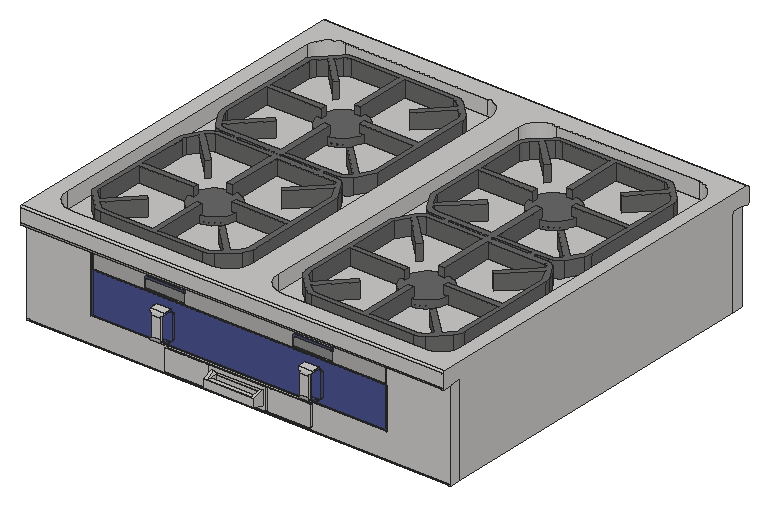
Revit family "QF_ELECTROLUXPROFESSIONAL_593315_MCGHAAJOVI", category Specialty Equipment, Revit 2018
Family settings
  Round Connector Dimension = Use Diameter
  Part Type = Normal
  Work Plane-Based = No
  Always vertical = Yes
  Cut with Voids When Loaded = No
  Shared = No
  Room Calculation Point = No
Parameters (values of type "Standard")
  Weight = 82.00 kg
  Watts = 0 W
  Volts = 0 V
  URL Manufacturer = "http://professional.electrolux.com"
  URL = "http://professional.electrolux.com"
  Steam Supply Size = 0"
  Steam Supply Minimum Pressure = 0.00 psi
  Steam Supply Maximum Pressure = 0.00 psi
  Steam Pounds per Hour = 0
  Show Clearance [instance] = yes
  Refrigeration Suction Line Size = 0 mm
  Refrigeration Liquid Line Size = 0 mm
  Refrigerant Compressor Remote = yes
  Phase = 0
  Model = "MCGHAAJOVI"
  Manufacturer = "Electrolux Professional"
  Length Actual = 1000 mm  # constant formula
  Item Number = "593315"
  Hot Water Size = 0"
  Height Actual = 250 mm  # constant formula
  HP = "0 HP"
  Gas Size = 1/2"
  Gas KW = 34
  Gas Input Pressure = 3.27142 Btu/h
  Direct Waste Size = 0"
  Description = "GAS TOP,4B,TOWNGAS,ECO,1S,1000X900X250"
  Depth Actual = 900 mm  # constant formula
  Cycle = 0 Hz
  Condensate Return Size = 0"
  Compressed Air Volume = 0 GPM
  Compressed Air Size = 0"
  Compressed Air Pressure = 0.00 psi
  Cold Water Size = 0"
  Accessory = yes
Reference planes
  plane 1 "BACK": y = 0
  plane 2: z = 0
  plane 3 "LEFT": x = 0
  plane 4 "RIGHT": x = 1000
  plane 5 "FRONT": y = -900
  plane 6 "TOP": z = 250
  plane 7: x = 500
  plane 8: y = -450
  plane 9: x = 965
  plane 10: y = -60.425
  plane 11: y = -1330
Forms (mm)
  Extrusion 1, solid, material "QF_Finishes_Stainless Steel"
    sketch origin (0, -487.128, 0) x (0, 1, 0) y (0, 0, 1)
      loop
        line (483.128, 250) -> (-408.872, 250)
        arc (-408.872, 250) -> (-411.7, 248.828) -> (-412.872, 246) r 4
        line (-412.872, 246) -> (-412.872, 214)
        arc (-412.872, 214) -> (-411.437, 210.931) -> (-408.161, 210.064) r 4
        line (-408.161, 210.064) -> (-392.872, 213) -> (-367.872, 213) -> (-367.872, 0) -> (442.128, 0) -> (442.128, 213) -> (465.765, 213) -> (482.433, 210.061)
        arc (482.433, 210.061) -> (485.699, 210.936) -> (487.128, 214) r 4
        line (487.128, 214) -> (487.128, 246)
        arc (487.128, 246) -> (485.956, 248.828) -> (483.128, 250) r 4
    from 0 to 1000
  Extrusion 2, void
    sketch origin (653.786, 44.048, 250) x (1, 0, 0) y (0, -1, 0)
      loop
        line (-570.234, 89.462) -> (-234.333, 89.462)
        arc (-234.333, 89.462) -> (-199.707, 103.805) -> (-185.364, 138.432) r 48.97
        line (-185.364, 138.432) -> (-185.364, 850.078)
        arc (-185.364, 850.078) -> (-199.707, 884.705) -> (-234.333, 899.048) r 48.97
        line (-234.333, 899.048) -> (-570.234, 899.048)
        arc (-570.234, 899.048) -> (-605.59, 884.403) -> (-620.234, 849.048) r 50
        line (-620.234, 849.048) -> (-620.234, 139.462)
        arc (-620.234, 139.462) -> (-605.59, 104.107) -> (-570.234, 89.462) r 50
      loop
        line (264.679, 899.048) -> (-71.222, 899.048)
        arc (-71.222, 899.048) -> (-106.577, 884.403) -> (-121.222, 849.048) r 50
        line (-121.222, 849.048) -> (-121.222, 139.462)
        arc (-121.222, 139.462) -> (-106.577, 104.107) -> (-71.222, 89.462) r 50
        line (-71.222, 89.462) -> (264.679, 89.462)
        arc (264.679, 89.462) -> (299.306, 103.805) -> (313.649, 138.432) r 48.97
        line (313.649, 138.432) -> (313.649, 850.078)
        arc (313.649, 850.078) -> (299.306, 884.705) -> (264.679, 899.048) r 48.97
    from 0 to 37
  Extrusion 3, solid, material "QF_Finishes_Stainless Steel"
    sketch origin (10, -759, 0) x (1, 0, 0) y (0, -1, 0)
      loop
        circle (955, -169) r 6.35
    from 0 to 3.2
  Extrusion 4, solid, material "QF_Door-Drawer Clearances", visible <- "Show Clearance", detail levels coarse
    sketch origin (-178.969, -4572, 0) x (-1, 0, 0) y (0, -1, 0)
      loop
        line (-507.364, -3689.407) -> (-507.364, -3242) -> (-851.364, -3242) -> (-851.364, -3689.407) -> (-507.364, -3689.407)
    from 8.012 to 59.392
Cuts and joins
  Extrusion 2 cuts Extrusion 1
Lines and regions (mm)
  symbolic lines
    curve 1: line (0, 0, 0) -> (1000, 0, 0)
    curve 2: line (0, -900, 0) -> (0, 0, 0)
    curve 3: line (1000, -900, 0) -> (0, -900, 0)
    curve 4: line (1000, 0, 0) -> (1000, -900, 0)
    curve 5: arc (83.552, -855, 0) -> (48.197, -840.355, 0) -> (33.552, -805, 0) r 50
    curve 6: line (33.552, -805, 0) -> (33.552, -95.414, 0)
    curve 7: arc (33.552, -95.414, 0) -> (48.197, -60.059, 0) -> (83.552, -45.414, 0) r 50
    curve 8: line (83.552, -45.414, 0) -> (417.592, -45.414, 0)
    curve 9: arc (918.465, -45.414, 0) -> (953.092, -59.757, 0) -> (967.435, -94.384, 0) r 48.97
    curve 10: line (967.435, -94.384, 0) -> (967.435, -806.03, 0)
    curve 11: arc (967.435, -806.03, 0) -> (953.092, -840.657, 0) -> (918.465, -855, 0) r 48.97
    curve 12: line (918.465, -855, 0) -> (582.408, -855, 0)
    curve 13: line (582.408, -45.414, 0) -> (918.465, -45.414, 0)
    curve 14: line (417.592, -855, 0) -> (83.552, -855, 0)
    curve 15: arc (582.408, -855, 0) -> (547.053, -840.355, 0) -> (532.408, -805, 0) r 50
    curve 16: line (532.408, -805, 0) -> (532.408, -95.414, 0)
    curve 17: arc (532.408, -95.414, 0) -> (547.053, -60.059, 0) -> (582.408, -45.414, 0) r 50
    curve 18: arc (417.592, -855, 0) -> (452.947, -840.355, 0) -> (467.592, -805, 0) r 50
    curve 19: line (467.592, -805, 0) -> (467.592, -95.414, 0)
    curve 20: arc (467.592, -95.414, 0) -> (452.947, -60.059, 0) -> (417.592, -45.414, 0) r 50
  symbolic lines, style "QF_Door-Drawer Clearances"
    curve 21: line (328.395, -900, 0) -> (328.395, -1330, 0)
    curve 22: line (672.395, -1330, 0) -> (672.395, -900, 0)
    curve 23: line (328.395, -1330, 0) -> (672.395, -1330, 0)
Dimensions and locks
  plane 3 "LEFT" to plane 4 "RIGHT" = 1000 mm
  plane 5 "FRONT" to plane 1 "BACK" = 900 mm
  equal spacing: plane 3 "LEFT", plane 7, plane 4 "RIGHT"
  equal spacing: plane 5 "FRONT", plane 8, plane 1 "BACK"
  plane 6 "TOP" to level = 250 mm  (x2)
  plane 1 "BACK" to plane 5 "FRONT" = 900 mm
  Extrusion 3 sketch curve to plane 1 "BACK" = 590 mm
  Extrusion 3 sketch curve to plane 4 "RIGHT" = 35 mm
  plane 1 "BACK" to Extrusion 3 = 590 mm
  plane 9 to plane 4 "RIGHT" = 35 mm
  plane 5 "FRONT" to plane 11 = 430 mm
  aligned and locked: level to plane 2
  aligned and locked: Extrusion 1 to plane 4 "RIGHT"
Automatic sketch dimensions
  Extrusion 1 sketch curve to plane 5 "FRONT" = 0 mm
  Extrusion 1 sketch curve to plane 6 "TOP" = 0 mm
  Extrusion 1 sketch curve to level = 0 mm
  Extrusion 1 sketch curve to plane 1 "BACK" = 0 mm
  Extrusion 1 sketch curve to plane 6 "TOP" = 37 mm  (x2)
  Extrusion 1 sketch curve to plane 5 "FRONT" = 4 mm
  Extrusion 1 sketch curve to plane 5 "FRONT" = 20 mm
  Extrusion 1 sketch curve to plane 5 "FRONT" = 45 mm
  plane 1 "BACK" to Extrusion 1 sketch curve = 21.363 mm
  plane 1 "BACK" to Extrusion 1 sketch curve = 4 mm  (x2)
  Extrusion 1 sketch curve to Extrusion 1 sketch curve = 4 mm
  Extrusion 1 sketch curve to Extrusion 1 sketch curve = 0.711 mm
  plane 1 "BACK" to Extrusion 1 sketch curve = 4.695 mm
  Extrusion 1 sketch curve to Extrusion 1 sketch curve = 0 mm  (x2)
  Extrusion 1 sketch curve to Extrusion 1 sketch curve = 1 mm  (x2)
  plane 1 "BACK" to Extrusion 1 sketch curve = 45 mm
  plane 1 "BACK" to curve 1 = 0 mm
  curve 1 to plane 4 "RIGHT" = 0 mm
  curve 3 to plane 3 "LEFT" = 0 mm
  plane 5 "FRONT" to curve 3 = 0 mm
  curve 10 to plane 9 = 2.435 mm
  plane 10 to curve 13 = 15.012 mm
  plane 9 to curve 13 = 46.535 mm
  plane 9 to curve 12 = 46.535 mm
  plane 7 to curve 16 = 32.408 mm
  curve 19 to plane 7 = 32.408 mm
  plane 3 "LEFT" to curve 8 = 83.552 mm
  plane 3 "LEFT" to curve 14 = 83.552 mm
  plane 3 "LEFT" to curve 6 = 33.552 mm
  curve 15 to curve 16 = 50 mm
  curve 20 to plane 10 = 34.988 mm
  curve 18 to plane 5 "FRONT" = 45 mm
  curve 19 to curve 18 = 50 mm
  Extrusion 1 to Extrusion 2 sketch curve = 33.552 mm
  Extrusion 1 to Extrusion 2 sketch curve = 41 mm  (x2)
  Extrusion 2 sketch curve to Extrusion 2 sketch curve = 50 mm  (x4)
  Extrusion 1 to Extrusion 2 sketch curve = 41.414 mm
  Extrusion 2 sketch curve to Extrusion 2 sketch curve = 335.901 mm  (x2)
  Extrusion 2 sketch curve to Extrusion 2 sketch curve = 48.97 mm
  Extrusion 2 sketch curve to Extrusion 2 sketch curve = 64.142 mm
  Extrusion 1 to Extrusion 2 sketch curve = 81.535 mm  (x2)
  Extrusion 1 to Extrusion 2 sketch curve = 32.565 mm
  Extrusion 2 sketch curve to Extrusion 2 sketch curve = 1.03 mm
  curve 18 to curve 16 = 0 mm
  plane 10 to curve 8 = 15.012 mm
  curve 16 to plane 10 = 34.988 mm
  plane 7 to Extrusion 4 sketch curve = 172.395 mm
  Extrusion 4 sketch curve to plane 5 "FRONT" = 17.407 mm
  Extrusion 4 sketch curve to plane 7 = 171.605 mm
  Extrusion 4 sketch curve to Extrusion 4 sketch curve = 447.407 mm
  curve 22 to plane 11 = 0 mm
  plane 7 to curve 22 = 172.395 mm
  curve 21 to plane 7 = 171.605 mm
  curve 22 to plane 5 "FRONT" = 0 mm
  curve 21 to plane 5 "FRONT" = 0 mm
  radius of Extrusion 3 sketch curve = 6.35 mm
Nested families
  nested 1: "OBT_900_Open Burner" at (250, -450.207, -649.319), type "OBT_900_Open Burner"
  nested 2: "OBT_900_Open Burner" at (750, -450.207, -649.319) x (-1, 0, 0) z (0, 0, 1), type "OBT_900_Open Burner"
  nested 3: "EG_900_1000_Double Range Control Handle Back Panel" at (202.376, -45, -650), type "EG_900_1000_Double Range Control Handle Back Panel"
  nested 4: "EG_900_1000_Double Range Control Handle Front Panel" at (202.376, -855, -650), type "EG_900_1000_Double Range Control Handle Front Panel"
Connectors
  piping at (965, -590, -3.2), diameter 12.8
    settings: on Extrusion 3, index 1, connector inside diameter 0.50394", connector length 0 mm, flow factor 0, pipe flow 0 GPM, pressure drop 0.00 psi, fitting loss kfactor 0, connector angle 0.00°, fixture units 0, engagement length 0 mm, angle of deflection 0.00°, flow configuration 1, flow direction 1, fitting loss method 0, system type 7, joint type 0, gender type 0, connector reference index -1, connector utility 0, adjustable connector no, is connector primary yes, connector description "GAS CONNECTION"
Definition of nested family "OBT_900_Open Burner"
  Reference planes
    plane 1 "Center (Front/Back)": y = 0
    plane 2: z = 0
    plane 3 "Center (Left/Right)": x = 0
    plane 4: x = -186.448
    plane 5: x = 187.435
    plane 6: y = 374.793
    plane 7: y = -374.793
    plane 8: y = -188.326
  Forms (mm)
    Extrusion 1, solid
      sketch origin (2130.573, 56.896, -679.622) x (1, 0, 0) y (0, 1, 0)
        loop
          line (-2137.44, 306.49) -> (-2250.793, 306.49)
          arc (-2250.793, 306.49) -> (-2257.908, 305.075) -> (-2263.94, 301.044) r 18.593
          line (-2263.94, 301.044) -> (-2276.233, 288.751) -> (-2213.48, 225.998) -> (-2221.6, 217.877) -> (-2284.354, 280.631) -> (-2300.33, 264.654)
          arc (-2300.33, 264.654) -> (-2304.433, 258.337) -> (-2305.614, 250.897) r 18.125
          line (-2305.614, 250.897) -> (-2305.614, 138.422) -> (-2175.79, 138.422) -> (-2175.79, 126.938) -> (-2305.614, 126.938) -> (-2305.614, 10.897)
          arc (-2305.614, 10.897) -> (-2304.981, 6.085) -> (-2303.123, 1.601) r 18.593
          line (-2303.123, 1.601) -> (-2290.078, -20.994) -> (-2221.6, 47.483) -> (-2213.48, 39.363) -> (-2284.012, -31.169)
          arc (-2284.012, -31.169) -> (-2278.546, -38.527) -> (-2270.23, -42.379) r 18.593
          line (-2270.23, -42.379) -> (-2137.44, -42.379) -> (-2137.44, 87.464) -> (-2123.707, 87.464) -> (-2123.707, -42.379) -> (-1989.813, -42.379)
          arc (-1989.813, -42.379) -> (-1981.496, -38.527) -> (-1976.031, -31.169) r 18.593
          line (-1976.031, -31.169) -> (-2047.115, 39.915) -> (-2038.994, 48.035) -> (-1969.962, -20.997) -> (-1954.428, 5.916) -> (-1954.428, 126.938) -> (-2085.357, 126.938) -> (-2085.357, 138.422) -> (-1954.428, 138.422) -> (-1954.428, 247.888)
          arc (-1954.428, 247.888) -> (-1956.538, 258.496) -> (-1962.547, 267.489) r 27.72
          line (-1962.547, 267.489) -> (-1975.689, 280.631) -> (-2038.994, 217.325) -> (-2047.115, 225.446) -> (-1983.809, 288.751) -> (-1996.102, 301.044)
          arc (-1996.102, 301.044) -> (-2002.134, 305.075) -> (-2009.25, 306.49) r 18.593
          line (-2009.25, 306.49) -> (-2123.707, 306.49) -> (-2123.707, 177.897) -> (-2137.44, 177.897) -> (-2137.44, 306.49)
        loop
          arc (-2317.021, 10.897) -> (-2315.999, 3.132) -> (-2313.002, -4.103) r 30
          line (-2313.002, -4.103) -> (-2292.795, -39.103)
          arc (-2292.795, -39.103) -> (-2281.814, -50.084) -> (-2266.814, -54.103) r 30
          line (-2266.814, -54.103) -> (-2239.287, -54.103)
          arc (-2239.287, -54.103) -> (-2238.243, -56) -> (-2236.272, -56.896) r 3.438
          arc (-2236.272, -56.896) -> (-2238.243, -57.792) -> (-2239.287, -59.689) r 3.438
          line (-2239.287, -59.689) -> (-2266.814, -59.689)
          arc (-2266.814, -59.689) -> (-2281.814, -63.708) -> (-2292.795, -74.689) r 30
          line (-2292.795, -74.689) -> (-2313.002, -109.689)
          arc (-2313.002, -109.689) -> (-2315.999, -116.924) -> (-2317.021, -124.689) r 30
          line (-2317.021, -124.689) -> (-2317.021, -365.461)
          arc (-2317.021, -365.461) -> (-2314.738, -376.941) -> (-2308.234, -386.674) r 30
          line (-2308.234, -386.674) -> (-2271.975, -422.933)
          arc (-2271.975, -422.933) -> (-2262.253, -429.414) -> (-2250.793, -431.689) r 30
          line (-2250.793, -431.689) -> (-2009.25, -431.689)
          arc (-2009.25, -431.689) -> (-1997.786, -429.412) -> (-1988.062, -422.928) r 30
          line (-1988.062, -422.928) -> (-1951.808, -386.674)
          arc (-1951.808, -386.674) -> (-1945.305, -376.941) -> (-1942.982, -365.461) r 30
          line (-1942.982, -365.461) -> (-1942.982, -116.719) -> (-1967.248, -74.689)
          arc (-1967.248, -74.689) -> (-1978.229, -63.708) -> (-1993.229, -59.689) r 30
          line (-1993.229, -59.689) -> (-2020.319, -59.689)
          arc (-2020.319, -59.689) -> (-2021.979, -57.759) -> (-2024.375, -56.896) r 5
          arc (-2024.375, -56.896) -> (-2021.979, -56.033) -> (-2020.319, -54.103) r 5
          line (-2020.319, -54.103) -> (-1993.229, -54.103)
          arc (-1993.229, -54.103) -> (-1978.229, -50.084) -> (-1967.248, -39.103) r 30
          line (-1967.248, -39.103) -> (-1943.138, 2.656) -> (-1943.138, 254.314)
          arc (-1943.138, 254.314) -> (-1945.839, 264.361) -> (-1951.808, 272.882) r 30
          line (-1951.808, 272.882) -> (-1988.062, 309.136)
          arc (-1988.062, 309.136) -> (-1997.786, 315.62) -> (-2009.25, 317.897) r 30
          line (-2009.25, 317.897) -> (-2250.793, 317.897)
          arc (-2250.793, 317.897) -> (-2262.253, 315.622) -> (-2271.975, 309.141) r 30
          line (-2271.975, 309.141) -> (-2308.234, 272.882)
          arc (-2308.234, 272.882) -> (-2314.738, 263.149) -> (-2317.021, 251.669) r 30
          line (-2317.021, 251.669) -> (-2317.021, 10.897)
        loop
          arc (-2122.397, -54.103) -> (-2124.057, -56.033) -> (-2126.452, -56.896) r 5
          arc (-2126.452, -56.896) -> (-2124.057, -57.759) -> (-2122.397, -59.689) r 5
          line (-2122.397, -59.689) -> (-2035.829, -59.689)
          arc (-2035.829, -59.689) -> (-2034.784, -57.792) -> (-2032.813, -56.896) r 3.438
          arc (-2032.813, -56.896) -> (-2034.784, -56) -> (-2035.829, -54.103) r 3.438
          line (-2035.829, -54.103) -> (-2122.397, -54.103)
        loop
          arc (-2223.778, -54.103) -> (-2225.438, -56.033) -> (-2227.833, -56.896) r 5
          arc (-2227.833, -56.896) -> (-2225.438, -57.759) -> (-2223.778, -59.689) r 5
          line (-2223.778, -59.689) -> (-2137.906, -59.689)
          arc (-2137.906, -59.689) -> (-2136.862, -57.792) -> (-2134.891, -56.896) r 3.438
          arc (-2134.891, -56.896) -> (-2136.862, -56) -> (-2137.906, -54.103) r 3.438
          line (-2137.906, -54.103) -> (-2223.778, -54.103)
        loop
          line (-2137.44, -420.282) -> (-2137.44, -290.439) -> (-2123.707, -290.439) -> (-2123.707, -420.282) -> (-2009.25, -420.282)
          arc (-2009.25, -420.282) -> (-2002.134, -418.867) -> (-1996.102, -414.836) r 18.593
          line (-1996.102, -414.836) -> (-1983.184, -401.918) -> (-2047.115, -337.988) -> (-2038.994, -329.867) -> (-1975.064, -393.798) -> (-1962.547, -381.281)
          arc (-1962.547, -381.281) -> (-1956.538, -372.288) -> (-1954.428, -361.68) r 27.72
          line (-1954.428, -361.68) -> (-1954.428, -250.964) -> (-2085.357, -250.964) -> (-2085.357, -239.48) -> (-1954.428, -239.48) -> (-1954.428, -119.708) -> (-1970.42, -92.003) -> (-2038.994, -160.577) -> (-2047.115, -152.457) -> (-1976.413, -81.755)
          arc (-1976.413, -81.755) -> (-1981.868, -74.971) -> (-1989.813, -71.413) r 18.593
          line (-1989.813, -71.413) -> (-2123.707, -71.413) -> (-2123.707, -200.006) -> (-2137.44, -200.006) -> (-2137.44, -71.413) -> (-2270.23, -71.413)
          arc (-2270.23, -71.413) -> (-2278.175, -74.971) -> (-2283.629, -81.755) r 18.593
          line (-2283.629, -81.755) -> (-2213.48, -151.905) -> (-2221.6, -160.025) -> (-2289.62, -92.005) -> (-2303.123, -115.393)
          arc (-2303.123, -115.393) -> (-2304.981, -119.877) -> (-2305.614, -124.689) r 18.593
          line (-2305.614, -124.689) -> (-2305.614, -239.48) -> (-2175.79, -239.48) -> (-2175.79, -250.964) -> (-2305.614, -250.964) -> (-2305.614, -364.689)
          arc (-2305.614, -364.689) -> (-2304.433, -372.129) -> (-2300.33, -378.446) r 18.125
          line (-2300.33, -378.446) -> (-2284.979, -393.798) -> (-2221.6, -330.419) -> (-2213.48, -338.54) -> (-2276.858, -401.918) -> (-2263.94, -414.836)
          arc (-2263.94, -414.836) -> (-2257.908, -418.867) -> (-2250.793, -420.282) r 18.593
          line (-2250.793, -420.282) -> (-2137.44, -420.282)
      from 1542.072 to 1578.941
    Extrusion 2, solid
      sketch origin (2130.573, 61.122, 0) x (1, 0, 0) y (0, 1, 0)
        loop
          circle (-2130.573, -249.448) r 55
        loop
          circle (-2130.573, 128.455) r 55
      from 862.45 to 879.837
    Extrusion 3, void
      sketch origin (-124.371, -355.785, -22.784) x (-0.587785, -0.809017, 0) y (0, 0, 1)
        loop
          circle (-213.495, 891.283) r 1
      from -67.69 to -35.114
    Extrusion 4, void
      sketch origin (-89.903, -376.417, -22.784) x (-0.422618, -0.906308, 0) y (0, 0, 1)
        loop
          circle (-213.495, 891.283) r 1
      from -74.826 to -35.114
    Extrusion 5, void
      sketch origin (-52.131, -390.093, -22.784) x (-0.241922, -0.970296, 0) y (0, 0, 1)
        loop
          circle (-213.495, 891.283) r 1
      from -67.69 to -35.114
    Extrusion 6, void
      sketch origin (27.702, -394.842, -22.784) x (0.139173, -0.990268, 0) y (0, 0, 1)
        loop
          circle (-213.495, 891.283) r 1
      from -67.69 to -35.114
    Extrusion 7, void
      sketch origin (66.829, -385.74, -22.784) x (0.325568, -0.945519, 0) y (0, 0, 1)
        loop
          circle (-213.495, 891.283) r 1
      from -67.69 to -35.114
    Extrusion 8, void
      sketch origin (103.5, -369.339, -22.784) x (0.5, -0.866025, 0) y (0, 0, 1)
        loop
          circle (-213.495, 891.283) r 1
      from -67.69 to -35.114
    Extrusion 9, void
      sketch origin (136.368, -346.242, -22.784) x (0.656059, -0.75471, 0) y (0, 0, 1)
        loop
          circle (-213.495, 891.283) r 1
      from -67.69 to -35.114
    Extrusion 10, void
      sketch origin (164.225, -317.298, -22.784) x (0.788011, -0.615661, 0) y (0, 0, 1)
        loop
          circle (-213.495, 891.283) r 1
      from -67.69 to -35.114
    Extrusion 11, void
      sketch origin (186.048, -283.571, -22.784) x (0.891007, -0.45399, 0) y (0, 0, 1)
        loop
          circle (-213.495, 891.283) r 1
      from -67.69 to -35.114
    Extrusion 12, void
      sketch origin (201.034, -246.299, -22.784) x (0.961262, -0.275637, 0) y (0, 0, 1)
        loop
          circle (-213.495, 891.283) r 1
      from -67.69 to -35.114
    Extrusion 13, void
      sketch origin (208.566, -166.681, -22.784) x (0.994522, 0.104528, 0) y (0, 0, 1)
        loop
          circle (-213.495, 891.283) r 1
      from -67.69 to -35.114
    Extrusion 14, void
      sketch origin (200.835, -127.26, -22.784) x (0.956305, 0.292372, 0) y (0, 0, 1)
        loop
          circle (-213.495, 891.283) r 1
      from -67.69 to -35.114
    Extrusion 15, void
      sketch origin (185.724, -90.039, -22.784) x (0.882948, 0.469472, 0) y (0, 0, 1)
        loop
          circle (-213.495, 891.283) r 1
      from -67.69 to -35.114
    Extrusion 16, void
      sketch origin (163.788, -56.385, -22.784) x (0.777146, 0.62932, 0) y (0, 0, 1)
        loop
          circle (-213.495, 891.283) r 1
      from -67.69 to -35.114
    Extrusion 17, void
      sketch origin (135.834, -27.534, -22.784) x (0.642788, 0.766044, 0) y (0, 0, 1)
        loop
          circle (-213.495, 891.283) r 1
      from -67.69 to -35.114
    Extrusion 18, void
      sketch origin (102.889, -4.548, -22.784) x (0.48481, 0.87462, 0) y (0, 0, 1)
        loop
          circle (-213.495, 891.283) r 1
      from -67.69 to -35.114
    Extrusion 19, void
      sketch origin (66.163, 11.73, -22.784) x (0.309017, 0.951057, 0) y (0, 0, 1)
        loop
          circle (-213.495, 891.283) r 1
      from -67.69 to -35.114
    Extrusion 20, void
      sketch origin (-52.811, 15.685, -22.784) x (-0.258819, 0.965926, 0) y (0, 0, 1)
        loop
          circle (-213.495, 891.283) r 1
      from -67.69 to -35.114
    Extrusion 21, void
      sketch origin (-90.537, 1.882, -22.784) x (-0.438371, 0.898794, 0) y (0, 0, 1)
        loop
          circle (-213.495, 891.283) r 1
      from -67.69 to -35.114
    Extrusion 22, void
      sketch origin (-124.936, -18.865, -22.784) x (-0.601815, 0.798636, 0) y (0, 0, 1)
        loop
          circle (-213.495, 891.283) r 1
      from -67.69 to -35.114
    Extrusion 23, void
      sketch origin (-154.744, -45.796, -22.784) x (-0.743145, 0.669131, 0) y (0, 0, 1)
        loop
          circle (-213.495, 891.283) r 1
      from -67.69 to -35.114
    Extrusion 24, void
      sketch origin (-178.866, -77.919, -22.784) x (-0.857167, 0.515038, 0) y (0, 0, 1)
        loop
          circle (-213.495, 891.283) r 1
      from -67.69 to -35.114
    Extrusion 25, void
      sketch origin (-196.416, -114.054, -22.784) x (-0.939693, 0.34202, 0) y (0, 0, 1)
        loop
          circle (-213.495, 891.283) r 1
      from -67.69 to -35.114
    Extrusion 26, void
      sketch origin (-204.521, -232.817, -22.784) x (-0.97437, -0.224951, 0) y (0, 0, 1)
        loop
          circle (-213.495, 891.283) r 1
      from -67.69 to -35.114
    Extrusion 27, void
      sketch origin (-192.043, -271.002, -22.784) x (-0.913545, -0.406737, 0) y (0, 0, 1)
        loop
          circle (-213.495, 891.283) r 1
      from -67.69 to -35.114
    Extrusion 28, void
      sketch origin (-172.509, -306.104, -22.784) x (-0.819152, -0.573576, 0) y (0, 0, 1)
        loop
          circle (-213.495, 891.283) r 1
      from -67.69 to -35.114
    Extrusion 29, void
      sketch origin (-146.635, -336.834, -22.784) x (-0.694658, -0.71934, 0) y (0, 0, 1)
        loop
          circle (-213.495, 891.283) r 1
      from -67.69 to -35.114
    Extrusion 30, void
      sketch origin (-124.371, 22.118, -22.784) x (-0.587785, -0.809017, 0) y (0, 0, 1)
        loop
          circle (-213.495, 891.283) r 1
      from -67.69 to -35.114
    Extrusion 31, void
      sketch origin (-89.903, 1.485, -22.784) x (-0.422618, -0.906308, 0) y (0, 0, 1)
        loop
          circle (-213.495, 891.283) r 1
      from -74.826 to -35.114
    Extrusion 32, void
      sketch origin (-52.131, -12.191, -22.784) x (-0.241922, -0.970296, 0) y (0, 0, 1)
        loop
          circle (-213.495, 891.283) r 1
      from -67.69 to -35.114
    Extrusion 33, void
      sketch origin (27.702, -16.939, -22.784) x (0.139173, -0.990268, 0) y (0, 0, 1)
        loop
          circle (-213.495, 891.283) r 1
      from -67.69 to -35.114
    Extrusion 34, void
      sketch origin (66.829, -7.837, -22.784) x (0.325568, -0.945519, 0) y (0, 0, 1)
        loop
          circle (-213.495, 891.283) r 1
      from -67.69 to -35.114
    Extrusion 35, void
      sketch origin (103.5, 8.564, -22.784) x (0.5, -0.866025, 0) y (0, 0, 1)
        loop
          circle (-213.495, 891.283) r 1
      from -67.69 to -35.114
    Extrusion 36, void
      sketch origin (136.368, 31.66, -22.784) x (0.656059, -0.75471, 0) y (0, 0, 1)
        loop
          circle (-213.495, 891.283) r 1
      from -67.69 to -35.114
    Extrusion 37, void
      sketch origin (164.225, 60.604, -22.784) x (0.788011, -0.615661, 0) y (0, 0, 1)
        loop
          circle (-213.495, 891.283) r 1
      from -67.69 to -35.114
    Extrusion 38, void
      sketch origin (186.048, 94.332, -22.784) x (0.891007, -0.45399, 0) y (0, 0, 1)
        loop
          circle (-213.495, 891.283) r 1
      from -67.69 to -35.114
    Extrusion 39, void
      sketch origin (201.034, 131.603, -22.784) x (0.961262, -0.275637, 0) y (0, 0, 1)
        loop
          circle (-213.495, 891.283) r 1
      from -67.69 to -35.114
    Extrusion 40, void
      sketch origin (208.566, 211.222, -22.784) x (0.994522, 0.104528, 0) y (0, 0, 1)
        loop
          circle (-213.495, 891.283) r 1
      from -67.69 to -35.114
    Extrusion 41, void
      sketch origin (200.835, 250.642, -22.784) x (0.956305, 0.292372, 0) y (0, 0, 1)
        loop
          circle (-213.495, 891.283) r 1
      from -67.69 to -35.114
    Extrusion 42, void
      sketch origin (185.724, 287.864, -22.784) x (0.882948, 0.469472, 0) y (0, 0, 1)
        loop
          circle (-213.495, 891.283) r 1
      from -67.69 to -35.114
    Extrusion 43, void
      sketch origin (163.788, 321.518, -22.784) x (0.777146, 0.62932, 0) y (0, 0, 1)
        loop
          circle (-213.495, 891.283) r 1
      from -67.69 to -35.114
    Extrusion 44, void
      sketch origin (135.834, 350.368, -22.784) x (0.642788, 0.766044, 0) y (0, 0, 1)
        loop
          circle (-213.495, 891.283) r 1
      from -67.69 to -35.114
    Extrusion 45, void
      sketch origin (102.889, 373.355, -22.784) x (0.48481, 0.87462, 0) y (0, 0, 1)
        loop
          circle (-213.495, 891.283) r 1
      from -67.69 to -35.114
    Extrusion 46, void
      sketch origin (66.163, 389.633, -22.784) x (0.309017, 0.951057, 0) y (0, 0, 1)
        loop
          circle (-213.495, 891.283) r 1
      from -67.69 to -35.114
    Extrusion 47, void
      sketch origin (-52.811, 393.588, -22.784) x (-0.258819, 0.965926, 0) y (0, 0, 1)
        loop
          circle (-213.495, 891.283) r 1
      from -67.69 to -35.114
    Extrusion 48, void
      sketch origin (-90.537, 379.785, -22.784) x (-0.438371, 0.898794, 0) y (0, 0, 1)
        loop
          circle (-213.495, 891.283) r 1
      from -67.69 to -35.114
    Extrusion 49, void
      sketch origin (-124.936, 359.037, -22.784) x (-0.601815, 0.798636, 0) y (0, 0, 1)
        loop
          circle (-213.495, 891.283) r 1
      from -67.69 to -35.114
    Extrusion 50, void
      sketch origin (-154.744, 332.107, -22.784) x (-0.743145, 0.669131, 0) y (0, 0, 1)
        loop
          circle (-213.495, 891.283) r 1
      from -67.69 to -35.114
    Extrusion 51, void
      sketch origin (-178.866, 299.984, -22.784) x (-0.857167, 0.515038, 0) y (0, 0, 1)
        loop
          circle (-213.495, 891.283) r 1
      from -67.69 to -35.114
    Extrusion 52, void
      sketch origin (-196.416, 263.848, -22.784) x (-0.939693, 0.34202, 0) y (0, 0, 1)
        loop
          circle (-213.495, 891.283) r 1
      from -67.69 to -35.114
    Extrusion 53, void
      sketch origin (-204.521, 145.086, -22.784) x (-0.97437, -0.224951, 0) y (0, 0, 1)
        loop
          circle (-213.495, 891.283) r 1
      from -67.69 to -35.114
    Extrusion 54, void
      sketch origin (-192.043, 106.901, -22.784) x (-0.913545, -0.406737, 0) y (0, 0, 1)
        loop
          circle (-213.495, 891.283) r 1
      from -67.69 to -35.114
    Extrusion 55, void
      sketch origin (-172.509, 71.798, -22.784) x (-0.819152, -0.573576, 0) y (0, 0, 1)
        loop
          circle (-213.495, 891.283) r 1
      from -67.69 to -35.114
    Extrusion 56, void
      sketch origin (-146.635, 41.068, -22.784) x (-0.694658, -0.71934, 0) y (0, 0, 1)
        loop
          circle (-213.495, 891.283) r 1
      from -67.69 to -35.114
  Cuts and joins
    Extrusion 3, Extrusion 4, Extrusion 5, Extrusion 6, Extrusion 7, Extrusion 8, Extrusion 9, Extrusion 10, Extrusion 11, Extrusion 12, Extrusion 13, Extrusion 14, Extrusion 15, Extrusion 16, Extrusion 17, Extrusion 18, Extrusion 19, Extrusion 20, Extrusion 21, Extrusion 22, Extrusion 23, Extrusion 24, Extrusion 25, Extrusion 26, Extrusion 27, Extrusion 28, Extrusion 29, Extrusion 30, Extrusion 31, Extrusion 32, Extrusion 33, Extrusion 34, Extrusion 35, Extrusion 36, Extrusion 37, Extrusion 38, Extrusion 39, Extrusion 40, Extrusion 41, Extrusion 42, Extrusion 43, Extrusion 44, Extrusion 45, Extrusion 46, Extrusion 47, Extrusion 48, Extrusion 49, Extrusion 50, Extrusion 51, Extrusion 52, Extrusion 53, Extrusion 54, Extrusion 55, Extrusion 56 cuts Extrusion 2
    Extrusion 32 cuts Extrusion 1
  Lines and regions (mm)
    symbolic lines
      curve 1: arc (54.699, -182.584, 0) -> (39.289, -149.838, 0) -> (6.867, -133.757, 0) r 55
      curve 2: arc (-54.699, -194.068, 0) -> (-39.289, -226.815, 0) -> (-6.867, -242.896, 0) r 55
      curve 3: line (45.217, -194.068, 0) -> (176.145, -194.068, 0)
      curve 4: line (176.145, -194.068, 0) -> (176.145, -304.784, 0)
      curve 5: arc (176.145, -304.784, 0) -> (174.035, -315.392, 0) -> (168.026, -324.385, 0) r 27.72
      curve 6: line (168.026, -324.385, 0) -> (155.51, -336.902, 0)
      curve 7: line (155.51, -336.902, 0) -> (91.579, -272.971, 0)
      curve 8: line (83.459, -281.092, 0) -> (147.389, -345.022, 0)
      curve 9: line (147.389, -345.022, 0) -> (134.471, -357.94, 0)
      curve 10: arc (134.471, -357.94, 0) -> (128.439, -361.971, 0) -> (121.324, -363.386, 0) r 18.593
      curve 11: line (121.324, -363.386, 0) -> (6.867, -363.386, 0)
      curve 12: line (6.867, -363.386, 0) -> (6.867, -233.543, 0)
      curve 13: line (-6.867, -233.543, 0) -> (-6.867, -363.386, 0)
      curve 14: line (-6.867, -363.386, 0) -> (-120.219, -363.386, 0)
      curve 15: arc (-120.219, -363.386, 0) -> (-127.335, -361.971, 0) -> (-133.367, -357.94, 0) r 18.593
      curve 16: line (-133.367, -357.94, 0) -> (-146.285, -345.022, 0)
      curve 17: line (-146.285, -345.022, 0) -> (-82.906, -281.644, 0)
      curve 18: line (-91.027, -273.523, 0) -> (-154.405, -336.902, 0)
      curve 19: line (-154.405, -336.902, 0) -> (-169.757, -321.55, 0)
      curve 20: arc (-169.757, -321.55, 0) -> (-173.86, -315.233, 0) -> (-175.041, -307.793, 0) r 18.125
      curve 21: line (-175.041, -307.793, 0) -> (-175.041, -194.068, 0)
      curve 22: line (-175.041, -194.068, 0) -> (-45.217, -194.068, 0)
      curve 23: line (-45.217, -182.584, 0) -> (-175.041, -182.584, 0)
      curve 24: line (-175.041, -182.584, 0) -> (-175.041, -67.793, 0)
      curve 25: arc (-175.041, -67.793, 0) -> (-174.407, -62.981, 0) -> (-172.55, -58.497, 0) r 18.593
      curve 26: line (-172.55, -58.497, 0) -> (-159.047, -35.109, 0)
      curve 27: line (-159.047, -35.109, 0) -> (-91.027, -103.129, 0)
      curve 28: line (-82.906, -95.009, 0) -> (-153.056, -24.859, 0)
      curve 29: arc (-153.056, -24.859, 0) -> (-147.601, -18.075, 0) -> (-139.656, -14.517, 0) r 18.593
      curve 30: line (-139.656, -14.517, 0) -> (-6.867, -14.517, 0)
      curve 31: line (-6.867, -14.517, 0) -> (-6.867, -143.11, 0)
      curve 32: line (6.867, -143.11, 0) -> (6.867, -14.517, 0)
      curve 33: line (6.867, -14.517, 0) -> (140.761, -14.517, 0)
      curve 34: arc (140.761, -14.517, 0) -> (148.706, -18.075, 0) -> (154.16, -24.859, 0) r 18.593
      curve 35: line (154.16, -24.859, 0) -> (83.459, -95.561, 0)
      curve 36: line (91.579, -103.681, 0) -> (160.154, -35.107, 0)
      curve 37: line (160.154, -35.107, 0) -> (176.145, -62.812, 0)
      curve 38: line (176.145, -62.812, 0) -> (176.145, -182.584, 0)
      curve 39: line (176.145, -182.584, 0) -> (45.217, -182.584, 0)
      curve 40: line (187.592, -59.823, 0) -> (163.326, -17.793, 0)
      curve 41: arc (163.326, -17.793, 0) -> (152.345, -6.812, 0) -> (137.345, -2.793, 0) r 30
      curve 42: line (137.345, -2.793, 0) -> (110.254, -2.793, 0)
      curve 43: arc (110.254, -2.793, 0) -> (108.594, -0.863, 0) -> (106.199, 0, 0) r 5
      curve 44: arc (106.199, 0, 0) -> (108.594, 0.863, 0) -> (110.254, 2.793, 0) r 5
      curve 45: line (110.254, 2.793, 0) -> (137.345, 2.793, 0)
      curve 46: arc (137.345, 2.793, 0) -> (152.345, 6.812, 0) -> (163.326, 17.793, 0) r 30
      curve 47: line (163.326, 17.793, 0) -> (187.435, 59.552, 0)
      curve 48: line (187.435, 59.552, 0) -> (187.435, 311.21, 0)
      curve 49: arc (187.435, 311.21, 0) -> (184.735, 321.257, 0) -> (178.765, 329.778, 0) r 30
      curve 50: line (178.765, 329.778, 0) -> (142.511, 366.032, 0)
      curve 51: arc (142.511, 366.032, 0) -> (132.788, 372.516, 0) -> (121.324, 374.793, 0) r 30
      curve 52: line (121.324, 374.793, 0) -> (-120.219, 374.793, 0)
      curve 53: arc (-120.219, 374.793, 0) -> (-131.68, 372.518, 0) -> (-141.401, 366.037, 0) r 30
      curve 54: line (-141.401, 366.037, 0) -> (-177.661, 329.778, 0)
      curve 55: arc (-177.661, 329.778, 0) -> (-184.164, 320.045, 0) -> (-186.448, 308.565, 0) r 30
      curve 56: line (-186.448, 308.565, 0) -> (-186.448, 67.793, 0)
      curve 57: arc (-186.448, 67.793, 0) -> (-185.426, 60.028, 0) -> (-182.429, 52.793, 0) r 30
      curve 58: line (-182.429, 52.793, 0) -> (-162.221, 17.793, 0)
      curve 59: arc (-162.221, 17.793, 0) -> (-151.241, 6.812, 0) -> (-136.241, 2.793, 0) r 30
      curve 60: line (-136.241, 2.793, 0) -> (-108.714, 2.793, 0)
      curve 61: arc (-108.714, 2.793, 0) -> (-107.669, 0.896, 0) -> (-105.698, 0, 0) r 3.438
      curve 62: arc (-105.698, 0, 0) -> (-107.669, -0.896, 0) -> (-108.714, -2.793, 0) r 3.438
      curve 63: line (-108.714, -2.793, 0) -> (-136.241, -2.793, 0)
      curve 64: arc (-136.241, -2.793, 0) -> (-151.241, -6.812, 0) -> (-162.221, -17.793, 0) r 30
      curve 65: line (-162.221, -17.793, 0) -> (-182.429, -52.793, 0)
      curve 66: arc (-182.429, -52.793, 0) -> (-185.426, -60.028, 0) -> (-186.448, -67.793, 0) r 30
      curve 67: line (-186.448, -67.793, 0) -> (-186.448, -308.565, 0)
      curve 68: arc (-186.448, -308.565, 0) -> (-184.164, -320.045, 0) -> (-177.661, -329.778, 0) r 30
      curve 69: line (-177.661, -329.778, 0) -> (-141.401, -366.037, 0)
      curve 70: arc (-141.401, -366.037, 0) -> (-131.68, -372.518, 0) -> (-120.219, -374.793, 0) r 30
      curve 71: line (-120.219, -374.793, 0) -> (121.324, -374.793, 0)
      curve 72: arc (121.324, -374.793, 0) -> (132.788, -372.516, 0) -> (142.511, -366.032, 0) r 30
      curve 73: line (142.511, -366.032, 0) -> (178.765, -329.778, 0)
      curve 74: arc (178.765, -329.778, 0) -> (185.269, -320.045, 0) -> (187.552, -308.565, 0) r 30
      curve 75: line (187.592, -308.565, 0) -> (187.592, -59.823, 0)
      curve 76: line (94.745, -2.793, 0) -> (8.177, -2.793, 0)
      curve 77: arc (8.177, -2.793, 0) -> (6.517, -0.863, 0) -> (4.121, 0, 0) r 5
      curve 78: arc (4.121, 0, 0) -> (6.517, 0.863, 0) -> (8.177, 2.793, 0) r 5
      curve 79: line (8.177, 2.793, 0) -> (94.745, 2.793, 0)
      curve 80: arc (94.745, 2.793, 0) -> (95.789, 0.896, 0) -> (97.76, 0, 0) r 3.438
      curve 81: arc (97.76, 0, 0) -> (95.789, -0.896, 0) -> (94.745, -2.793, 0) r 3.438
      curve 82: line (-7.333, -2.793, 0) -> (-93.204, -2.793, 0)
      curve 83: arc (-93.204, -2.793, 0) -> (-94.864, -0.863, 0) -> (-97.26, 0, 0) r 5
      curve 84: arc (-97.26, 0, 0) -> (-94.864, 0.863, 0) -> (-93.204, 2.793, 0) r 5
      curve 85: line (-93.204, 2.793, 0) -> (-7.333, 2.793, 0)
      curve 86: arc (-7.333, 2.793, 0) -> (-6.288, 0.896, 0) -> (-4.317, 0, 0) r 3.438
      curve 87: arc (-4.317, 0, 0) -> (-6.288, -0.896, 0) -> (-7.333, -2.793, 0) r 3.438
      curve 88: line (-6.867, 14.517, 0) -> (-139.656, 14.517, 0)
      curve 89: arc (-139.656, 14.517, 0) -> (-147.973, 18.369, 0) -> (-153.438, 25.727, 0) r 18.593
      curve 90: line (-153.438, 25.727, 0) -> (-82.906, 96.259, 0)
      curve 91: line (-91.027, 104.379, 0) -> (-159.504, 35.902, 0)
      curve 92: line (-159.504, 35.902, 0) -> (-172.55, 58.497, 0)
      curve 93: arc (-172.55, 58.497, 0) -> (-174.407, 62.981, 0) -> (-175.041, 67.793, 0) r 18.593
      curve 94: line (-175.041, 67.793, 0) -> (-175.041, 183.834, 0)
      curve 95: line (-175.041, 183.834, 0) -> (-45.217, 183.834, 0)
      curve 96: line (-45.217, 195.318, 0) -> (-175.041, 195.318, 0)
      curve 97: line (-175.041, 195.318, 0) -> (-175.041, 307.793, 0)
      curve 98: arc (-175.041, 307.793, 0) -> (-173.86, 315.233, 0) -> (-169.757, 321.55, 0) r 18.125
      curve 99: line (-169.757, 321.55, 0) -> (-153.78, 337.527, 0)
      curve 100: line (-153.78, 337.527, 0) -> (-91.027, 274.773, 0)
      curve 101: line (-91.027, 274.773, 0) -> (-82.906, 282.894, 0)
      curve 102: line (-82.906, 282.894, 0) -> (-145.66, 345.647, 0)
      curve 103: line (-145.66, 345.647, 0) -> (-133.367, 357.94, 0)
      curve 104: arc (-133.367, 357.94, 0) -> (-127.335, 361.971, 0) -> (-120.219, 363.386, 0) r 18.593
      curve 105: line (-120.219, 363.386, 0) -> (-6.867, 363.386, 0)
      curve 106: line (-6.867, 363.386, 0) -> (-6.867, 234.793, 0)
      curve 107: line (-6.867, 234.793, 0) -> (6.867, 234.793, 0)
      curve 108: line (6.867, 234.793, 0) -> (6.867, 363.386, 0)
      curve 109: line (6.867, 363.386, 0) -> (121.324, 363.386, 0)
      curve 110: arc (121.324, 363.386, 0) -> (128.439, 361.971, 0) -> (134.471, 357.94, 0) r 18.593
      curve 111: line (134.471, 357.94, 0) -> (146.764, 345.647, 0)
      curve 112: line (146.764, 345.647, 0) -> (83.459, 282.342, 0)
      curve 113: line (91.579, 274.221, 0) -> (154.885, 337.527, 0)
      curve 114: line (154.885, 337.527, 0) -> (168.026, 324.385, 0)
      curve 115: arc (168.026, 324.385, 0) -> (174.035, 315.392, 0) -> (176.145, 304.784, 0) r 27.72
      curve 116: line (176.145, 304.784, 0) -> (176.145, 195.318, 0)
      curve 117: line (176.145, 195.318, 0) -> (45.217, 195.318, 0)
      curve 118: line (45.217, 183.834, 0) -> (176.145, 183.834, 0)
      curve 119: line (176.145, 183.834, 0) -> (176.145, 62.812, 0)
      curve 120: line (176.145, 62.812, 0) -> (160.611, 35.899, 0)
      curve 121: line (160.611, 35.899, 0) -> (91.579, 104.931, 0)
      curve 122: line (83.459, 96.811, 0) -> (154.543, 25.727, 0)
      curve 123: arc (154.543, 25.727, 0) -> (149.077, 18.369, 0) -> (140.761, 14.517, 0) r 18.593
      curve 124: line (140.761, 14.517, 0) -> (6.867, 14.517, 0)
      curve 125: line (6.867, 14.517, 0) -> (6.867, 144.36, 0)
      curve 126: line (6.867, 144.36, 0) -> (-6.867, 144.36, 0)
      curve 127: line (-6.867, 144.36, 0) -> (-6.867, 14.517, 0)
      curve 128: arc (-54.699, 183.834, 0) -> (-39.289, 151.088, 0) -> (-6.867, 135.007, 0) r 55
      curve 129: arc (54.699, 195.318, 0) -> (39.289, 228.065, 0) -> (6.867, 244.146, 0) r 55
      curve 130: arc (-6.867, 244.146, 0) -> (-39.289, 228.065, 0) -> (-54.699, 195.318, 0) r 55
      curve 131: arc (6.867, 135.007, 0) -> (39.289, 151.088, 0) -> (54.699, 183.834, 0) r 55
      curve 132: arc (-6.867, -133.757, 0) -> (-39.289, -149.838, 0) -> (-54.699, -182.584, 0) r 55
      curve 133: arc (6.867, -242.896, 0) -> (39.289, -226.815, 0) -> (54.699, -194.068, 0) r 55
      curve 134: line (-45.217, 183.834, 0) -> (-45.217, 195.318, 0)
      curve 135: line (45.217, 195.318, 0) -> (45.217, 183.834, 0)
      curve 136: line (91.579, 274.221, 0) -> (83.459, 282.342, 0)
      curve 137: line (-91.027, 104.379, 0) -> (-82.906, 96.259, 0)
      curve 138: line (91.579, 104.931, 0) -> (83.459, 96.811, 0)
      curve 139: line (-91.027, -103.129, 0) -> (-82.906, -95.009, 0)
      curve 140: line (83.459, -95.561, 0) -> (91.579, -103.681, 0)
      curve 141: line (45.217, -182.584, 0) -> (45.217, -194.068, 0)
      curve 142: line (-6.867, -143.11, 0) -> (6.867, -143.11, 0)
      curve 143: line (-45.217, -194.068, 0) -> (-45.217, -182.584, 0)
      curve 144: line (6.867, -233.543, 0) -> (-6.867, -233.543, 0)
      curve 145: line (91.579, -272.971, 0) -> (83.459, -281.092, 0)
      curve 146: line (-82.906, -281.644, 0) -> (-91.027, -273.523, 0)
  Dimensions and locks
    plane 5 to plane 4 = 373.883 mm
    equal spacing: Extrusion 1 sketch curve, plane 3 "Center (Left/Right)", Extrusion 1 sketch curve
Definition of nested family "EG_900_1000_Double Range Control Handle Back Panel"
  Reference planes
    plane 1 "Center (Front/Back)": y = 0
    plane 2: z = 0
    plane 3 "Center (Left/Right)": x = 297.624
    plane 4: x = -202.376
    plane 5: x = 797.624
    plane 6: y = -45
  Forms (mm)
    Extrusion 1, solid
      sketch origin (833.217, 829.203, -1.25) x (0, 1, 0) y (0, 0, 1)
        loop
          arc (-854.203, 654.25) -> (-853.324, 652.129) -> (-851.203, 651.25) r 3
          line (-851.203, 651.25) -> (-829.203, 651.25) -> (-829.203, 864.25) -> (-854.203, 864.25) -> (-854.203, 654.25)
      from -1035.593 to -35.593
    Extrusion 2, void
      sketch origin (33.217, 829.203, -1.25) x (1, 0, 0) y (0, 0, 1)
        loop
          line (-85.593, 855.116) -> (-85.593, 713.116) -> (614.407, 713.116) -> (614.407, 855.116) -> (-85.593, 855.116)
      from 848.59 to 854.203
  Cuts and joins
    Extrusion 2 cuts Extrusion 1
  Dimensions and locks
    equal spacing: plane 5, plane 3 "Center (Left/Right)", plane 4
    plane 5 to plane 4 = 1000 mm
    aligned and locked: cut or joined group of Extrusion 1, Extrusion 2 to plane 4
    aligned and locked: plane 5 to cut or joined group of Extrusion 1, Extrusion 2
    aligned and locked: plane 3 "Center (Left/Right)" to nested 2
    aligned and locked: cut or joined group of Extrusion 1, Extrusion 2 to nested 2
  Automatic sketch dimensions
    Extrusion 1 sketch curve to plane 1 "Center (Front/Back)" = 0 mm
    plane 1 "Center (Front/Back)" to Extrusion 1 sketch curve = 22 mm
    Extrusion 1 sketch curve to Extrusion 1 sketch curve = 3 mm
    level to Extrusion 1 sketch curve = 650 mm
    Extrusion 1 sketch curve to Extrusion 1 sketch curve = 210 mm
    plane 4 to Extrusion 2 sketch curve = 150 mm
    Extrusion 2 sketch curve to plane 5 = 150 mm
    level to Extrusion 2 sketch curve = 711.866 mm
    Extrusion 2 sketch curve to Extrusion 2 sketch curve = 142 mm
  Nested families
    nested 1: "Range Control Handle" at (122.624, -28.137, -209.113) x (-1, 0, 0) z (0, 0, 1), type "Range Control Handle"
    nested 2: "glass conrol panel" at (297.624, 280.644, 2.752), type "glass conrol panel"
    nested 3: "Range Control Handle" at (472.624, -28.137, -209.113), type "Range Control Handle"
  Definition of nested family "Range Control Handle"
    Reference planes
      plane 1 "Center (Front/Back)": y = 0
      plane 2: z = 0
      plane 3 "Center (Left/Right)": x = 0
      plane 4: z = 971.092
      plane 5: y = -16.9
    Forms (mm)
      Extrusion 1, solid
        sketch origin (-746.28, 380.497, 208.931) x (-1, 0, 0) y (0, 0, 1)
          loop
            line (-770.101, 786.798) -> (-770.101, 731.649)
            arc (-770.101, 731.649) -> (-769.759, 730.563) -> (-768.855, 729.87) r 1.893
            line (-768.855, 729.87) -> (-763.474, 727.911) -> (-729.81, 727.911) -> (-724.428, 729.87)
            arc (-724.428, 729.87) -> (-723.525, 730.563) -> (-723.183, 731.649) r 1.893
            line (-723.183, 731.649) -> (-723.183, 786.798)
            arc (-723.183, 786.798) -> (-723.529, 787.894) -> (-724.44, 788.593) r 1.91
            line (-724.44, 788.593) -> (-729.683, 790.819) -> (-763.601, 790.819) -> (-768.844, 788.593)
            arc (-768.844, 788.593) -> (-769.755, 787.894) -> (-770.101, 786.798) r 1.91
        from -382.35 to -378.852
      Sweep 2, solid
        path origin (-746.788, 380.496, 208.091) x (0, -1, 0) y (0, 0, 1)
          loop
            line (379.775, 793.281) -> (395.661, 791.048)
            arc (395.661, 791.048) -> (397.781, 787.377) -> (398.517, 783.202) r 12.207
            line (398.517, 783.202) -> (398.517, 737.368)
            arc (398.517, 737.368) -> (397.781, 733.193) -> (395.661, 729.522) r 12.207
            line (395.661, 729.522) -> (379.775, 727.289)
        profile origin (-746.788, -7.222, 1000.256) x (0, -0.139173, 0.990268) y (-1, 0, 0)
          loop
            line (0.782, -763.123) -> (0.782, -730.907) -> (-1.322, -730.907) -> (-1.322, -763.123) -> (0.782, -763.123)
      Sweep 3, solid
        path origin (-746.788, 380.715, 207.832) x (0, -1, 0) y (0, 0, 1)
          loop
            line (380.478, 795.442) -> (397.218, 793.09)
            arc (397.218, 793.09) -> (399.929, 788.473) -> (400.871, 783.202) r 15.207
            line (400.871, 783.202) -> (400.871, 737.584)
            arc (400.871, 737.584) -> (399.914, 732.274) -> (397.164, 727.633) r 15.207
            line (397.164, 727.633) -> (380.601, 725.305)
        profile origin (-746.788, -8.132, 1002.099) x (0, -0.139173, 0.990268) y (-1, 0, 0)
          loop
            line (0.782, -763.123) -> (0.782, -730.907) -> (-1.322, -730.907) -> (-1.322, -763.123) -> (0.782, -763.123)
      Extrusion 4, void
        sketch origin (889.253, 220.666, 207.993) x (1, 0, 0) y (0, 0, 1)
          loop
            line (-943.038, 816.854) -> (-943.038, 703.686) -> (-899.466, 734.196) -> (-899.466, 786.344) -> (-943.038, 816.854)
        from 230.636 to 242.25
      Extrusion 5, void
        sketch origin (-888.8, 220.666, 207.993) x (-1, 0, 0) y (0, 0, -1)
          loop
            line (-943.038, -816.854) -> (-899.466, -786.344) -> (-899.466, -734.196) -> (-943.038, -703.686) -> (-943.038, -816.854)
        from 230.636 to 242.25
      Extrusion 6, solid
        sketch origin (0, 0, 0) x (1, 0, 0) y (0, 0, 1)
          loop
            circle (0, 971.092) r 7.736
        from -3.137 to -1.645
    Cuts and joins
      Extrusion 4, Extrusion 5 cuts Sweep 3
      Extrusion 4, Extrusion 5 cuts Sweep 2
      joined: Extrusion 1, Extrusion 6
    Lines and regions (mm)
      symbolic lines
        curve 1: line (16.334, -16.9, 0) -> (16.334, -19.227, 0)
        curve 2: spline (16.334, -19.227, 0) -> (15.87, -19.385, 0) -> (15.404, -19.536, 0) -> (14.936, -19.678, 0) -> (14.466, -19.813, 0) -> (13.995, -19.94, 0) -> (13.523, -20.059, 0) -> (13.049, -20.171, 0) -> (12.575, -20.274, 0) -> (12.099, -20.37, 0) -> (11.622, -20.458, 0) -> (11.144, -20.537, 0) -> (10.666, -20.609, 0)
        curve 3: line (10.666, -16.9, 0) -> (10.666, -20.938, 0)
        curve 4: line (-10.213, -20.938, 0) -> (10.666, -20.938, 0)
        curve 5: line (-10.213, -20.938, 0) -> (-10.213, -16.9, 0)
        curve 6: spline (-10.213, -20.609, 0) -> (-10.691, -20.537, 0) -> (-11.169, -20.458, 0) -> (-11.646, -20.37, 0) -> (-12.122, -20.274, 0) -> (-12.597, -20.171, 0) -> (-13.07, -20.059, 0) -> (-13.542, -19.94, 0) -> (-14.013, -19.813, 0) -> (-14.483, -19.678, 0) -> (-14.951, -19.536, 0) -> (-15.417, -19.385, 0) -> (-15.881, -19.227, 0)
        curve 7: line (-15.881, -19.227, 0) -> (-15.881, -16.9, 0)
  Definition of nested family "glass conrol panel"
    Reference planes
      plane 1 "Center (Front/Back)": y = 0
      plane 2: z = 0
      plane 3 "Center (Left/Right)": x = 0
    Forms (mm)
      Extrusion 1, solid
        sketch origin (378.286, 0, 0.617) x (1, 0, 0) y (0, 0, 1)
          loop
            line (-728.286, 806.791) -> (-728.286, 708.497) -> (-28.286, 708.497) -> (-28.286, 806.791) -> (-728.286, 806.791)
        from 300.031 to 304.8
      Extrusion 2, solid
        sketch origin (378.286, 0, 0.617) x (1, 0, 0) y (0, 0, 1)
          loop
            line (-728.286, 850.497) -> (-728.286, 806.791) -> (-28.286, 806.791) -> (-28.286, 850.497) -> (-728.286, 850.497)
        from 300.031 to 304.8
      Extrusion 3, void
        sketch origin (378.286, 0, 0.617) x (1, 0, 0) y (0, 0, 1)
          loop
            line (-725.628, 847.565) -> (-725.628, 710.699) -> (-31.196, 710.699) -> (-31.196, 847.565) -> (-725.628, 847.565)
        from 303.697 to 304.8
      Extrusion 4, solid
        sketch origin (-483.309, 1.101, -0.633) x (-1, 0, 0) y (0, 0, -1)
          loop
            line (-261.431, -812.62) -> (-355.186, -812.62) -> (-355.186, -834.177) -> (-350.269, -834.177) -> (-348.469, -835.977) -> (-268.039, -835.977) -> (-266.24, -834.177) -> (-261.431, -834.177) -> (-261.431, -812.62)
        from 304.798 to 306.745
      Extrusion 5, solid
        sketch origin (-483.309, 1.101, -0.633) x (-1, 0, 0) y (0, 0, -1)
          loop
            line (-350.269, -834.177) -> (-355.078, -834.177)
            arc (-355.078, -834.177) -> (-353.942, -838.747) -> (-349.686, -840.763) r 5.5
            line (-349.686, -840.763) -> (-266.98, -840.763)
            arc (-266.98, -840.763) -> (-262.706, -838.752) -> (-261.529, -834.177) r 5.549
            line (-261.529, -834.177) -> (-266.24, -834.177) -> (-268.039, -835.977) -> (-348.469, -835.977) -> (-350.269, -834.177)
        from 304.798 to 306.745
      Extrusion 6, solid
        sketch origin (483.309, 1.101, -0.633) x (1, 0, 0) y (0, 0, 1)
          loop
            line (-261.431, 812.62) -> (-261.431, 834.177) -> (-266.24, 834.177) -> (-268.039, 835.977) -> (-348.469, 835.977) -> (-350.269, 834.177) -> (-355.186, 834.177) -> (-355.186, 812.62) -> (-261.431, 812.62)
        from 304.798 to 306.745
      Extrusion 7, solid
        sketch origin (483.309, 1.101, -0.633) x (1, 0, 0) y (0, 0, 1)
          loop
            line (-350.269, 834.177) -> (-348.469, 835.977) -> (-268.039, 835.977) -> (-266.24, 834.177) -> (-261.529, 834.177)
            arc (-261.529, 834.177) -> (-262.706, 838.752) -> (-266.98, 840.763) r 5.549
            line (-266.98, 840.763) -> (-349.686, 840.763)
            arc (-349.686, 840.763) -> (-353.942, 838.747) -> (-355.078, 834.177) r 5.5
            line (-355.078, 834.177) -> (-350.269, 834.177)
        from 304.798 to 306.745
    Cuts and joins
      Extrusion 3 cuts Extrusion 1
      Extrusion 3 cuts Extrusion 2
    Dimensions and locks
      aligned and locked: Extrusion 1 to Extrusion 2
      aligned and locked: Extrusion 5 sketch curve to Extrusion 4  (x5)
      aligned and locked: Extrusion 5 to Extrusion 4
      aligned and locked: Extrusion 7 sketch curve to Extrusion 6  (x4)
      aligned and locked: Extrusion 6 to Extrusion 7 sketch curve
      aligned and locked: Extrusion 7 to Extrusion 6
Definition of nested family "EG_900_1000_Double Range Control Handle Front Panel"
  Reference planes
    plane 1 "Center (Front/Back)": y = 0
    plane 2: z = 0
    plane 3 "Center (Left/Right)": x = 297.624
    plane 4: x = -202.376
    plane 5: x = 797.624
    plane 6: y = -45
  Forms (mm)
    Extrusion 1, solid
      sketch origin (833.217, 829.203, -1.25) x (0, 1, 0) y (0, 0, 1)
        loop
          arc (-854.203, 654.25) -> (-853.324, 652.129) -> (-851.203, 651.25) r 3
          line (-851.203, 651.25) -> (-829.203, 651.25) -> (-829.203, 864.25) -> (-854.203, 864.25) -> (-854.203, 654.25)
      from -1035.593 to -35.593
    Extrusion 2, void
      sketch origin (33.217, 829.203, -1.25) x (1, 0, 0) y (0, 0, 1)
        loop
          line (-85.593, 855.116) -> (-85.593, 713.116) -> (614.407, 713.116) -> (614.407, 855.116) -> (-85.593, 855.116)
      from 848.59 to 854.203
  Cuts and joins
    Extrusion 2 cuts Extrusion 1
  Dimensions and locks
    equal spacing: plane 5, plane 3 "Center (Left/Right)", plane 4
    plane 5 to plane 4 = 1000 mm
    aligned and locked: cut or joined group of Extrusion 1, Extrusion 2 to plane 4
    aligned and locked: plane 5 to cut or joined group of Extrusion 1, Extrusion 2
    aligned and locked: plane 3 "Center (Left/Right)" to nested 2
    aligned and locked: cut or joined group of Extrusion 1, Extrusion 2 to nested 2
  Automatic sketch dimensions
    Extrusion 1 sketch curve to plane 1 "Center (Front/Back)" = 0 mm
    plane 1 "Center (Front/Back)" to Extrusion 1 sketch curve = 22 mm
    Extrusion 1 sketch curve to Extrusion 1 sketch curve = 3 mm
    level to Extrusion 1 sketch curve = 650 mm
    Extrusion 1 sketch curve to Extrusion 1 sketch curve = 210 mm
    plane 4 to Extrusion 2 sketch curve = 150 mm
    Extrusion 2 sketch curve to plane 5 = 150 mm
    level to Extrusion 2 sketch curve = 711.866 mm
    Extrusion 2 sketch curve to Extrusion 2 sketch curve = 142 mm
  Nested families
    nested 1: "Range Control Handle" at (122.624, -28.137, -209.113) x (-1, 0, 0) z (0, 0, 1), type "Range Control Handle"
    nested 2: "glass conrol panel" at (297.624, 280.644, 2.752), type "glass conrol panel"
    nested 3: "Range Control Handle" at (472.624, -28.137, -209.113), type "Range Control Handle"
    nested 4: "grease trap door" at (230.025, -25, 0), type "grease trap door"
  Definition of nested family "Range Control Handle"
    Reference planes
      plane 1 "Center (Front/Back)": y = 0
      plane 2: z = 0
      plane 3 "Center (Left/Right)": x = 0
      plane 4: z = 971.092
      plane 5: y = -16.9
    Forms (mm)
      Extrusion 1, solid
        sketch origin (-746.28, 380.497, 208.931) x (-1, 0, 0) y (0, 0, 1)
          loop
            line (-770.101, 786.798) -> (-770.101, 731.649)
            arc (-770.101, 731.649) -> (-769.759, 730.563) -> (-768.855, 729.87) r 1.893
            line (-768.855, 729.87) -> (-763.474, 727.911) -> (-729.81, 727.911) -> (-724.428, 729.87)
            arc (-724.428, 729.87) -> (-723.525, 730.563) -> (-723.183, 731.649) r 1.893
            line (-723.183, 731.649) -> (-723.183, 786.798)
            arc (-723.183, 786.798) -> (-723.529, 787.894) -> (-724.44, 788.593) r 1.91
            line (-724.44, 788.593) -> (-729.683, 790.819) -> (-763.601, 790.819) -> (-768.844, 788.593)
            arc (-768.844, 788.593) -> (-769.755, 787.894) -> (-770.101, 786.798) r 1.91
        from -382.35 to -378.852
      Sweep 2, solid
        path origin (-746.788, 380.496, 208.091) x (0, -1, 0) y (0, 0, 1)
          loop
            line (379.775, 793.281) -> (395.661, 791.048)
            arc (395.661, 791.048) -> (397.781, 787.377) -> (398.517, 783.202) r 12.207
            line (398.517, 783.202) -> (398.517, 737.368)
            arc (398.517, 737.368) -> (397.781, 733.193) -> (395.661, 729.522) r 12.207
            line (395.661, 729.522) -> (379.775, 727.289)
        profile origin (-746.788, -7.222, 1000.256) x (0, -0.139173, 0.990268) y (-1, 0, 0)
          loop
            line (0.782, -763.123) -> (0.782, -730.907) -> (-1.322, -730.907) -> (-1.322, -763.123) -> (0.782, -763.123)
      Sweep 3, solid
        path origin (-746.788, 380.715, 207.832) x (0, -1, 0) y (0, 0, 1)
          loop
            line (380.478, 795.442) -> (397.218, 793.09)
            arc (397.218, 793.09) -> (399.929, 788.473) -> (400.871, 783.202) r 15.207
            line (400.871, 783.202) -> (400.871, 737.584)
            arc (400.871, 737.584) -> (399.914, 732.274) -> (397.164, 727.633) r 15.207
            line (397.164, 727.633) -> (380.601, 725.305)
        profile origin (-746.788, -8.132, 1002.099) x (0, -0.139173, 0.990268) y (-1, 0, 0)
          loop
            line (0.782, -763.123) -> (0.782, -730.907) -> (-1.322, -730.907) -> (-1.322, -763.123) -> (0.782, -763.123)
      Extrusion 4, void
        sketch origin (889.253, 220.666, 207.993) x (1, 0, 0) y (0, 0, 1)
          loop
            line (-943.038, 816.854) -> (-943.038, 703.686) -> (-899.466, 734.196) -> (-899.466, 786.344) -> (-943.038, 816.854)
        from 230.636 to 242.25
      Extrusion 5, void
        sketch origin (-888.8, 220.666, 207.993) x (-1, 0, 0) y (0, 0, -1)
          loop
            line (-943.038, -816.854) -> (-899.466, -786.344) -> (-899.466, -734.196) -> (-943.038, -703.686) -> (-943.038, -816.854)
        from 230.636 to 242.25
      Extrusion 6, solid
        sketch origin (0, 0, 0) x (1, 0, 0) y (0, 0, 1)
          loop
            circle (0, 971.092) r 7.736
        from -3.137 to -1.645
    Cuts and joins
      Extrusion 4, Extrusion 5 cuts Sweep 3
      Extrusion 4, Extrusion 5 cuts Sweep 2
      joined: Extrusion 1, Extrusion 6
    Lines and regions (mm)
      symbolic lines
        curve 1: line (16.334, -16.9, 0) -> (16.334, -19.227, 0)
        curve 2: spline (16.334, -19.227, 0) -> (15.87, -19.385, 0) -> (15.404, -19.536, 0) -> (14.936, -19.678, 0) -> (14.466, -19.813, 0) -> (13.995, -19.94, 0) -> (13.523, -20.059, 0) -> (13.049, -20.171, 0) -> (12.575, -20.274, 0) -> (12.099, -20.37, 0) -> (11.622, -20.458, 0) -> (11.144, -20.537, 0) -> (10.666, -20.609, 0)
        curve 3: line (10.666, -16.9, 0) -> (10.666, -20.938, 0)
        curve 4: line (-10.213, -20.938, 0) -> (10.666, -20.938, 0)
        curve 5: line (-10.213, -20.938, 0) -> (-10.213, -16.9, 0)
        curve 6: spline (-10.213, -20.609, 0) -> (-10.691, -20.537, 0) -> (-11.169, -20.458, 0) -> (-11.646, -20.37, 0) -> (-12.122, -20.274, 0) -> (-12.597, -20.171, 0) -> (-13.07, -20.059, 0) -> (-13.542, -19.94, 0) -> (-14.013, -19.813, 0) -> (-14.483, -19.678, 0) -> (-14.951, -19.536, 0) -> (-15.417, -19.385, 0) -> (-15.881, -19.227, 0)
        curve 7: line (-15.881, -19.227, 0) -> (-15.881, -16.9, 0)
